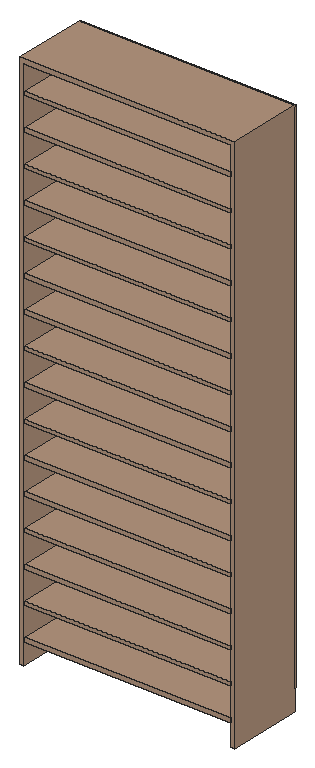
Revit family "Billy Bookcase", category Generic Models, Revit 2016
Family settings
  Part Type = Normal
  Can host rebar = No
  Round Connector Dimension = Use Diameter
  Work Plane-Based = No
  Always vertical = Yes
  Cut with Voids When Loaded = No
  Shared = No
  Room Calculation Point = No
Parameters
  Width = 800 mm
  Shelf Spacing [instance] = Height / Number of Shelves  # 121.25 mm
  Number of Shelves [instance] = Height / if(Maximum Shelf Spacing < 120 mm, 120 mm, Maximum Shelf Spacing)  # 16
  Maximum Shelf Spacing [instance] = 56 mm
  Height = 1940 mm
  Finish = Oak
Reference planes
  plane 1 "Center (Front/Back)": y = 0
  plane 2: z = 0
  plane 3 "Center (Left/Right)": x = 0
Forms (mm)
  Extrusion 1, solid, material "Oak" <- "Finish"
    sketch origin (-4400968, 0, 2141660) x (1, 0, 0) y (0, 0, 1)
      loop
        line (4400568, -2141660) -> (4400583, -2141660) -> (4400583, -2139655) -> (4401353, -2139655) -> (4401353, -2141660) -> (4401368, -2141660) -> (4401368, -2139640) -> (4400568, -2139640) -> (4400568, -2141660)
    from 0 to 277
  Extrusion 2, solid, material "Oak" <- "Finish"
    sketch origin (-385, -37, 0) x (0, 1, 0) y (0, 0, 1)
      loop
        line (37, 2020) -> (37, 80) -> (40, 80) -> (40, 2020) -> (37, 2020)
    from -15 to 785
Lines and regions (mm)
  reference lines
    curve 1: line (-1335.933, 0, 80) -> (1441.329, 0, 80)
    curve 2: line (385, 0, 2005) -> (-385, 0, 2005)
    curve 3: line (-385, 0, 2005) -> (-385, 0, 0)
    curve 4: line (385, 0, 0) -> (385, 0, 2005)
Dimensions and locks
  "Width": Extrusion 1 to Extrusion 1
  "Height": Extrusion 1 to Extrusion 2
  equal spacing: group 1, group 2, group 3, group 4, group 5, group 6, group 7, group 8, group 9, group 10, group 11, group 12, group 13, group 14, group 15, group 16  (x3)
  locked: curve 1 to level at 80
  "Shelf Spacing": nested 2 to nested 1
  aligned and locked: level to plane 2
  aligned and locked: plane 1 "Center (Front/Back)" to nested 1
  aligned and locked: plane 3 "Center (Left/Right)" to nested 1
Automatic sketch dimensions
  Extrusion 1 sketch curve to plane 3 "Center (Left/Right)" = 400 mm
  Extrusion 1 sketch curve to level = 0 mm  (x2)
  Extrusion 1 sketch curve to Extrusion 1 sketch curve = 15 mm  (x2)
  level to Extrusion 2 sketch curve = 80 mm
  Extrusion 2 sketch curve to plane 1 "Center (Front/Back)" = 0 mm
  Extrusion 2 sketch curve to plane 1 "Center (Front/Back)" = 3 mm
  level to Extrusion 2 sketch curve = 2020 mm
  Extrusion 1 sketch curve to plane 3 "Center (Left/Right)" = 385 mm
  plane 3 "Center (Left/Right)" to Extrusion 1 sketch curve = 385 mm
  level to Extrusion 1 sketch curve = 2005 mm
  curve 3 to level = 0 mm
  curve 4 to level = 0 mm
  curve 3 to plane 3 "Center (Left/Right)" = 385 mm
  level to curve 3 = 2005 mm
  curve 1 to curve 3 = 950.933 mm
  plane 3 "Center (Left/Right)" to curve 2 = 385 mm
  curve 4 to curve 1 = 1056.329 mm
Nested families
  nested 1: "Shelf" at (0, 0, 80), type "Shelf"
  nested 2: "Shelf" at (0, 0, 201.25), type "Shelf"
  nested 3: "Shelf" at (0, 0, 322.5), type "Shelf"
  nested 4: "Shelf" at (0, 0, 443.75), type "Shelf"
  nested 5: "Shelf" at (0, 0, 565), type "Shelf"
  nested 6: "Shelf" at (0, 0, 686.25), type "Shelf"
  nested 7: "Shelf" at (0, 0, 807.5), type "Shelf"
  nested 8: "Shelf" at (0, 0, 928.75), type "Shelf"
  nested 9: "Shelf" at (0, 0, 1050), type "Shelf"
  nested 10: "Shelf" at (0, 0, 1171.25), type "Shelf"
  nested 11: "Shelf" at (0, 0, 1292.5), type "Shelf"
  nested 12: "Shelf" at (0, 0, 1413.75), type "Shelf"
  nested 13: "Shelf" at (0, 0, 1535), type "Shelf"
  nested 14: "Shelf" at (0, 0, 1656.25), type "Shelf"
  nested 15: "Shelf" at (0, 0, 1777.5), type "Shelf"
  nested 16: "Shelf" at (0, 0, 1898.75), type "Shelf"
Definition of nested family "Shelf"
  Parameters (values of type "Shelf")
    Shelf Width = 770 mm
    Shelf Thickness = 15 mm
    Shelf Material = none
    Shelf Depth = 277 mm
  Reference planes
    plane 1 "Center (Front/Back)": y = 0
    plane 2: z = 0
    plane 3 "Center (Left/Right)": x = 0
  Forms (mm)
    Extrusion 1, solid
      sketch origin (0, 0, 0) x (1, 0, 0) y (0, 1, 0)
        loop
          line (-385, 0) -> (-385, -277) -> (385, -277) -> (385, 0) -> (-385, 0)
      from 0 to 15 <- "Shelf Thickness"
    Extrusion 2, solid, material <- "Shelf Material"
      sketch origin (0, 0, 0) x (0, -1, 0) y (1, 0, 0)
        loop
          line (0, -385) -> (277, -385) -> (277, 385) -> (0, 385) -> (0, -385)
      from 0 to 15 <- "Shelf Thickness"
  Lines and regions (mm)
    reference lines
      curve 1: line (-385, -1434.717, 0) -> (-385, 1482.579, 0)
      curve 2: line (385, 1482.579, 0) -> (385, -1434.717, 0)
      curve 3: line (1441.329, -277, 0) -> (-1335.933, -277, 0)
  Dimensions and locks
    "Shelf Depth": curve 3 to plane 1 "Center (Front/Back)"
    equal spacing: curve 1, plane 3 "Center (Left/Right)", curve 2
    "Shelf Width": curve 1 to curve 2
    aligned and locked: level to plane 2
  Automatic sketch dimensions
    plane 1 "Center (Front/Back)" to curve 2 = 1434.717 mm
    plane 1 "Center (Front/Back)" to curve 3 = 277 mm
    curve 3 to plane 3 "Center (Left/Right)" = 1335.933 mm
    plane 3 "Center (Left/Right)" to curve 3 = 1441.329 mm
    curve 1 to curve 2 = 0 mm  (x2)
    curve 2 to plane 1 "Center (Front/Back)" = 1482.579 mm
    plane 1 "Center (Front/Back)" to Extrusion 1 sketch curve = 0 mm
    Extrusion 1 sketch curve to plane 3 "Center (Left/Right)" = 385 mm
    plane 3 "Center (Left/Right)" to Extrusion 1 sketch curve = 385 mm
    plane 1 "Center (Front/Back)" to Extrusion 1 sketch curve = 277 mm
    plane 1 "Center (Front/Back)" to Extrusion 2 sketch curve = 0 mm
    plane 1 "Center (Front/Back)" to Extrusion 2 sketch curve = 277 mm
    Extrusion 2 sketch curve to plane 3 "Center (Left/Right)" = 385 mm
    plane 3 "Center (Left/Right)" to Extrusion 2 sketch curve = 385 mm
